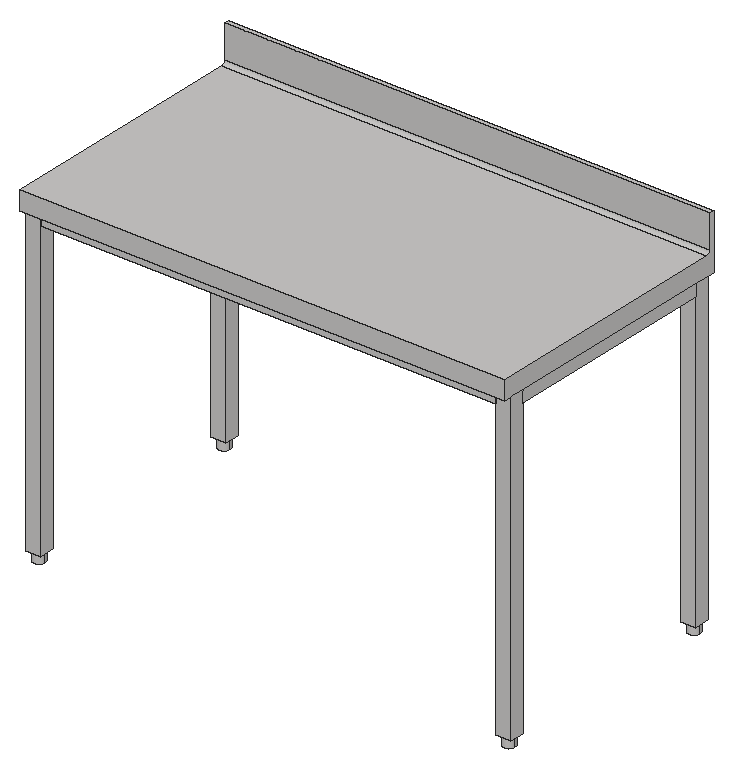
Revit family "QF_ELECTROLUXPROFESSIONAL_134014_GTG1310E", category Attrezzature speciali, Revit 2020
Family settings
  Quota connettore circolare = Usa diametro
  Tipo di parte = Normale
  Basato su piano di lavoro = No
  Sempre verticale = Sì
  Taglio con vuoti quando caricato = No
  Condiviso = No
  Punto di calcolo locali = No
Parameters (values of type "Standard")
  Weight = 40.30 kg
  Watts = 0 W
  Volts = 0 V
  URL Manufacturer = "https://www.electroluxprofessional.com/"
  URL = "https://www.electroluxprofessional.com/"
  Steam Supply Size = 0 mm
  Steam Supply Minimum Pressure = 0.0 Pa
  Steam Supply Maximum Pressure = 0.0 Pa
  Steam Consumption per Hour = 0
  Refrigeration Suction Line Size = 0.0 mm
  Refrigeration Liquid Line Size = 0.0 mm
  Refrigerant Compressor Remote = yes
  Prospetto di default = 0.0 mm
  Produttore = "Electrolux Professional"
  Phase = 0
  Modello = "GTG1310E"
  Length Actual = 1300.0 mm  # constant formula
  Item Number = "134014"
  Hot Water Size = 0 mm
  Height Actual = 1000.0 mm  # constant formula
  HP = "0 HP"
  Gas Size = 0 mm
  Gas KW = 0
  Gas Input Pressure = 0 W
  Direct Waste Size = 0 mm
  Descrizione = "WORK TABLE WITH UPSTAND 1300 MM"
  Depth Actual = 700.0 mm  # constant formula
  Cycle = 0 Hz
  Condensate Return Size = 0 mm
  Compressed Air Volume = 0.0 L/s
  Compressed Air Size = 0 mm
  Compressed Air Pressure = 0.0 Pa
  Cold Water Size = 0 mm
  Accessory = yes
Reference planes
  plane 1 "Center (Front/Back)": y = 0
  plane 2: z = 0
  plane 3 "Center (Left/Right)": x = -150
  plane 4 "LEFT": x = -800
  plane 5 "RIGHT": x = 500
  plane 6 "BACK": y = 350
  plane 7 "FRONT": y = -350
  plane 8 "Base": z = 850
  plane 9 "TOP": z = 900
  plane 10: x = -780
  plane 11: x = 480
  plane 12: y = 310
  plane 13: y = -310
  plane 14 "TRAVERSI": z = 820
  plane 15: x = -760
  plane 16: x = 460
  plane 17: y = 290
  plane 18: y = -290
  plane 19: y = 330
  plane 20: y = -330
Forms (mm)
  Extrusion 1, solid, material "QF_Finishes_Stainless Steel"
    sketch origin (-150, 0, 0) x (0, 1, 0) y (0, 0, 1)
      loop
        line (-350, 850) -> (350, 850) -> (350, 1000) -> (337, 1000) -> (337, 910)
        arc (337, 910) -> (334.071, 902.929) -> (327, 900) r 10
        line (327, 900) -> (-350, 900) -> (-350, 850)
    from 650 to -650
  Extrusion 2, solid, material "QF_Finishes_Stainless Steel"
    sketch origin (0, 0, 820) x (0, 1, 0) y (-1, 0, 0)
      loop
        line (290, -460) -> (-290, -460) -> (-290, -500) -> (290, -500) -> (290, -460)
      loop
        line (290, 800) -> (-290, 800) -> (-290, 760) -> (290, 760) -> (290, 800)
    from 0 to 30
  Extrusion 3, solid, material "QF_Finishes_Stainless Steel"
    sketch origin (0, 0, 820) x (0, 1, 0) y (-1, 0, 0)
      loop
        line (330, -460) -> (330, 760) -> (290, 760) -> (290, -460) -> (330, -460)
      loop
        line (-290, 760) -> (-330, 760) -> (-330, -460) -> (-290, -460) -> (-290, 760)
    from 0 to 30
Lines and regions (mm)
  symbolic lines
    curve 1: line (500, 350, 900) -> (-800, 350, 900)
    curve 2: line (-800, 350, 900) -> (-800, -350, 900)
    curve 3: line (-800, -350, 900) -> (500, -350, 900)
    curve 4: line (500, -350, 900) -> (500, 350, 900)
    curve 5: line (-800, 337, 820) -> (500, 337, 820)
Dimensions and locks
  plane 4 "LEFT" to plane 5 "RIGHT" = 1300.0 mm
  equal spacing: plane 4 "LEFT", plane 3 "Center (Left/Right)", plane 5 "RIGHT"
  plane 4 "LEFT" to plane 10 = 20.0 mm
  plane 11 to plane 5 "RIGHT" = 20.0 mm
  plane 10 to plane 11 = 1260.0 mm
  plane 6 "BACK" to plane 12 = 40.0 mm
  plane 13 to plane 7 "FRONT" = 40.0 mm
  plane 6 "BACK" to plane 7 "FRONT" = 700.0 mm
  plane 12 to plane 13 = 620.0 mm
  equal spacing: plane 6 "BACK", plane 1 "Center (Front/Back)", plane 7 "FRONT"
  plane 8 "Base" to plane 14 "TRAVERSI" = 30.0 mm
  locked: plane 10 to plane 15 at 20
  locked: plane 16 to plane 11 at 20
  locked: plane 19 to plane 12 at 20
  locked: plane 12 to plane 17 at 20
  locked: plane 18 to plane 13 at 20
  locked: plane 13 to plane 20 at 20
  locked: plane 8 "Base" to level at 850
  locked: Extrusion 1 to level at 1000
  aligned and locked: level to plane 2
  aligned and locked: plane 10 to nested 1
  aligned and locked: nested 1 to plane 13
  aligned and locked: plane 11 to nested 2
  aligned and locked: nested 2 to plane 13
  aligned and locked: plane 11 to nested 4
  aligned and locked: nested 4 to plane 12
  aligned and locked: plane 10 to nested 3
  aligned and locked: nested 3 to plane 12
  aligned and locked: Extrusion 1 to plane 4 "LEFT"
  aligned and locked: plane 5 "RIGHT" to Extrusion 1
  aligned and locked: curve 2 to plane 4 "LEFT"
  aligned and locked: Extrusion 2 sketch curve to plane 5 "RIGHT"
  aligned and locked: Extrusion 2 sketch curve to plane 17  (x2)
  aligned and locked: plane 16 to Extrusion 2 sketch curve
  aligned and locked: plane 18 to Extrusion 2 sketch curve  (x2)
  aligned and locked: plane 4 "LEFT" to Extrusion 2 sketch curve
  aligned and locked: Extrusion 2 sketch curve to plane 15
  aligned and locked: plane 19 to Extrusion 3 sketch curve
  aligned and locked: Extrusion 3 sketch curve to plane 17
  aligned and locked: Extrusion 3 sketch curve to plane 18
  aligned and locked: plane 20 to Extrusion 3 sketch curve
  aligned and locked: Extrusion 3 sketch curve to plane 15
  aligned and locked: plane 15 to Extrusion 3 sketch curve
  aligned and locked: plane 16 to Extrusion 3 sketch curve
  aligned and locked: Extrusion 3 sketch curve to plane 16
  aligned and locked: curve 5 to Extrusion 1
Automatic sketch dimensions
  curve 3 to plane 7 "FRONT" = 0.0 mm
  curve 4 to plane 6 "BACK" = 0.0 mm
  curve 4 to plane 5 "RIGHT" = 0.0 mm
  Extrusion 1 sketch curve to plane 7 "FRONT" = 0.0 mm
  Extrusion 1 sketch curve to plane 9 "TOP" = 0.0 mm
  Extrusion 1 sketch curve to plane 6 "BACK" = 0.0 mm
  Extrusion 1 sketch curve to plane 8 "Base" = 0.0 mm
  Extrusion 1 sketch curve to plane 19 = 3.0 mm
  plane 19 to Extrusion 1 sketch curve = 7.0 mm
  Extrusion 1 sketch curve to Extrusion 1 sketch curve = 90.0 mm
  curve 5 to plane 5 "RIGHT" = 0.0 mm
  curve 5 to plane 4 "LEFT" = 0.0 mm
Nested families
  nested 1: "FEET_40x40_R" at (-780, -310, 0), type "FEET_40x40_R"
  nested 2: "FEET_40x40_R" at (480, -310, 0), type "FEET_40x40_R"
  nested 3: "FEET_40x40_R" at (-780, 310, 0), type "FEET_40x40_R"
  nested 4: "FEET_40x40_R" at (480, 310, 0), type "FEET_40x40_R"
Definition of nested family "FEET_40x40_R"
  Parameters
    Default Elevation = 0.0 mm
    FEET = 850.0 mm
  Reference planes
    plane 1 "Center (Front/Back)": y = 0
    plane 2: z = 0
    plane 3 "Center (Left/Right)": x = 0
    plane 4: z = 850
  Forms (mm)
    Extrusion 1, solid
      sketch origin (0, 0, 0) x (1, 0, 0) y (0, 1, 0)
        loop
          line (-20, -20) -> (20, -20) -> (20, 20) -> (-20, 20) -> (-20, -20)
      from 25 to 850
    Extrusion 2, solid
      sketch origin (0, 0, 0) x (1, 0, 0) y (0, 1, 0)
        loop
          circle (0, 0) r 16
      from 0 to 25
  Lines and regions (mm)
    symbolic lines
      curve 1: line (0, -1.503, 0) -> (0, 1.508, 0)
      curve 2: line (1.561, 0, 0) -> (-1.439, 0, 0)
  Dimensions and locks
    "FEET": plane 4 to plane 2
    aligned and locked: level to plane 2
  Automatic sketch dimensions
    Extrusion 1 sketch curve to plane 3 "Center (Left/Right)" = 20.0 mm
    plane 3 "Center (Left/Right)" to Extrusion 1 sketch curve = 20.0 mm
    plane 1 "Center (Front/Back)" to Extrusion 1 sketch curve = 20.0 mm
    Extrusion 1 sketch curve to plane 1 "Center (Front/Back)" = 20.0 mm
    plane 1 "Center (Front/Back)" to Extrusion 2 sketch curve = 0.0 mm
    Extrusion 2 sketch curve to plane 3 "Center (Left/Right)" = 0.0 mm
    plane 1 "Center (Front/Back)" to curve 2 = 0.0 mm
    curve 1 to plane 3 "Center (Left/Right)" = 0.0 mm
    curve 2 to plane 3 "Center (Left/Right)" = 1.439 mm
    plane 3 "Center (Left/Right)" to curve 2 = 1.561 mm
    plane 1 "Center (Front/Back)" to curve 1 = 1.503 mm
    curve 1 to plane 1 "Center (Front/Back)" = 1.508 mm
    radius of Extrusion 2 sketch curve = 16.0 mm
